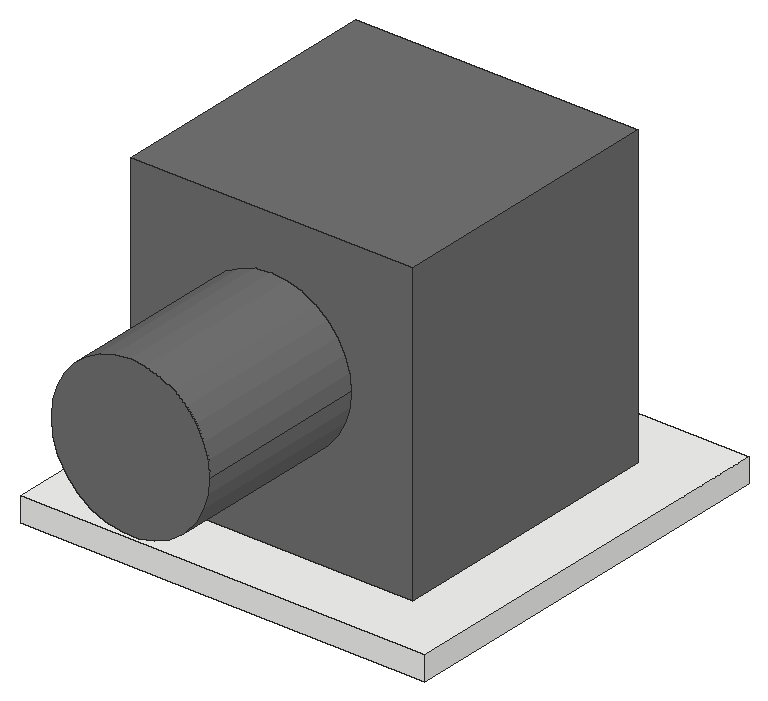
Revit family "ダクト用換気扇_50Hz", category 機械設備, Revit 2019
Family settings
  丸型コネクタ寸法 = 直径を使用
  パーツ タイプ = 標準
  OmniClass 番号 = 23.75.35.17.27
  OmniClass タイトル = Centrifugal Fans
  作業面ベース = いいえ
  常に垂直 = はい
  ロード時にボイドで切り取り = いいえ
  共有 = いいえ
  部屋計算ポイント = はい
Parameters (values of type "VD-10ZVC6")
  騒音レベル(dB(A)) [instance] = 23.5
  風量 [instance] = 100.0 m³/h
  電源種別 [instance] = ""
  電圧 = 100 V
  電動機出力 = 0 W
  電動機_種別 [instance] = ""
  運転質量 = 0.00 kg
  連動 [instance] = ""
  質量 = if(製品質量 > 運転質量, 製品質量, 運転質量) * 1.2  # 1.68 kg
  負荷分類 = 3_ファン類
  説明 = "ダクト用換気扇 低騒音形 24時間換気機能付 定風量タイプ"
  設計風量 [instance] = 0.0 m³/h
  設置方法 = "天埋"
  記号 [instance] = ""
  製造元 = "三菱電機株式会社"
  製品質量 = 1.40 kg
  製品出荷対象 = "国内"
  製品リリース年月 = "2022年6月1日"
  製品グループ = ""
  羽根径 = "∅100"
  系統 [instance] = ""
  符号 [instance] = if(☑給気／□排気, "FS", "FE")  # "FE"
  積算_科目 = "2 換気設備"
  積算_拾い区分 [instance] = ""
  相 = 1
  盤記号 [instance] = ""
  発停方法 [instance] = ""
  特殊仕様 [instance] = ""
  火災停止 [instance] = ""
  消費電力 = 2.6 W
  法定耐用年数 = "15"
  機外静圧 [instance] = 90.0 Pa
  極数 = 2
  材質 [instance] = ""
  操作・制御方式 = ""
  操作・制御スイッチ = ""
  排気量 [instance] = if(☑給気／□排気, 0.0 m³/h, 設計風量)  # 0.0 m³/h
  形式 = "天井埋込ダクト形"
  幹線記号 [instance] = ""
  対象室 [instance] = ""
  実風量 [instance] = 0.0 m³/h
  始動方式 [instance] = "直入"
  外気量 [instance] = if(☑給気／□排気, 設計風量, 0.0 m³/h)  # 0.0 m³/h
  呼称 = "天井扇"
  周波数 = 50 Hz
  参照している仕様書等のバージョン = ""
  分類コード = "50052503100030"
  分類グループ = ""
  価格 = 26000
  企業コード = "108420"
  付属品_防振装置 = ""
  付属品 [instance] = ""
  仕様書バージョン = "Version1.0"
  モデル = "VD-10ZVC6"
  マテリアル = 合成樹脂(黒)
  ファンの種類 = ""
  ダクト径 = 100 mm
  コメント [instance] = ""
  Keynote = ""
  カバーマテリアル = 合成樹脂(白)
  ☑給気／□排気 [instance] = no
  Width = 174 mm
  W1 = 250 mm
  Version = ""
  Uniclass2015Version = "Systems v1.9"
  Uniclass2015Title = "Centrifugal fans"
  Uniclass2015Code = "Pr_65_67_29_12"
  URL = "https://www.mitsubishielectric.co.jp/ldg/wink/ssl/displayProduct.do?pid=320864"
  SpecificationReference = ""
  SpecificationDescription = ""
  Revision = ""
  ProductInformation = ""
  OmniClassCode = "23-33 31 19 11 15"
  OAサイズ_D = 0 mm
  MIN風量 = 60.0 m³/h
  MIN静圧 = 50.0 Pa
  MID風量 = 0.0 m³/h
  MID静圧 = 0.0 Pa
  MAX風量 = 100.0 m³/h
  MAX静圧 = 90.0 Pa
  IfcTypeProduct = ""
  IfcProduct = ""
  IfcExportType = "PROPELLORAXIAL"
  IfcExportAs = "IfcFanType"
  Height = 184 mm
  H1 = 15 mm
  EAサイズ_D = 98 mm
  Duct_Depth = 109 mm
  Duct_Center = 0 mm
  Depth = 174 mm
  D2 = 102 mm
  D1 = 250 mm
  Author = "三菱電機株式会社"
Types (4, lengths in mm): name | 騒音レベル(dB(A)) | 風量 | 質量 | 製品質量 | 羽根径 | 消費電力 | 機外静圧 | 価格 | モデル | マテリアル | ダクト径 | Width | W1 | URL | MIN風量 | MIN静圧 | MAX風量 | MAX静圧 | Height | H1 | EAサイズ_D | Duct_Depth | Duct_Center | Depth | D2 | D1
  VD-10ZVC6 | 23.5 | 100.0 m³/h | 1.68 kg | 1.40 kg | "∅100" | 2.6 W | 90.0 Pa | 26000 | "VD-10ZVC6" | 合成樹脂(黒) | 100 | 174 | 250 | "https://www.mitsubishielectric.co.jp/ldg/wink/ssl/displayProduct.do?pid=320864" | 60.0 m³/h | 50.0 Pa | 100.0 m³/h | 90.0 Pa | 184 | 15 | 98 | 109 | 0 | 174 | 102 | 250
  VD-13ZVC6 | 27.5 | 120.0 m³/h | 1.92 kg | 1.60 kg | "∅115" | 3.3 W | 78.0 Pa | 29600 | "VD-13ZVC6" | 合成樹脂(黒) | 100 | 198 | 286 | "https://www.mitsubishielectric.co.jp/ldg/wink/ssl/displayProduct.do?pid=320708" | 75.0 m³/h | 57.0 Pa | 120.0 m³/h | 78.0 Pa | 195 | 15 | 98 | 109 | 56 | 198 | 102 | 286
  VD-15ZVC6 | 28 | 160.0 m³/h | 2.88 kg | 2.40 kg | "∅140" | 5 W | 130.0 Pa | 40300 | "VD-15ZVC6" | 合成樹脂(黒) | 100 | 254 | 330 | "https://www.mitsubishielectric.co.jp/ldg/wink/ssl/displayProduct.do?pid=320664" | 85.0 m³/h | 80.0 Pa | 160.0 m³/h | 130.0 Pa | 200 | 18 | 98 | 109 | 0 | 254 | 109 | 330
  VD-23ZVB6 | 39.5 | 480.0 m³/h | 8.40 kg | 7.00 kg | "∅230" | 22 W | 150.0 Pa | 81500 | "VD-23ZVB6" | 溶融亜鉛めっき鋼板 | 150 | 386 | 475 | "https://www.mitsubishielectric.co.jp/ldg/wink/ssl/displayProduct.do?pid=320940" | 280.0 m³/h | 150.0 Pa | 480.0 m³/h | 150.0 Pa | 221 | 18 | 144 | 142 | 111 | 386 | 135 | 475
Reference planes
  plane 1 "中心(正面/背面)": y = 0
  plane 2: z = 0
  plane 3 "中心(左/右)": x = 0
  plane 4: x = -125
  plane 5: x = 125
  plane 6: y = 125
  plane 7: y = -125
  plane 8: x = -87
  plane 9: x = 87
  plane 10: y = 87
  plane 11: y = -87
  plane 12: y = -196
  plane 13: z = 184
  plane 14: z = -15
  plane 15: z = 102
  plane 16: x = 0
Forms (mm)
  Extrusion 1, solid, material "合成樹脂(黒)" <- "マテリアル", detail levels fine
    sketch origin (0, 0, 0) x (1, 0, 0) y (0, 1, 0)
      loop
        line (-87, 87) -> (-87, -87) -> (87, -87) -> (87, 87) -> (-87, 87)
    from 0 to 184
  Extrusion 2, solid, material "合成樹脂(白)" <- "カバーマテリアル", detail levels fine
    sketch origin (0, 0, 0) x (1, 0, 0) y (0, 1, 0)
      loop
        line (-125, 125) -> (-125, -125) -> (125, -125) -> (125, 125) -> (-125, 125)
    from 0 to -15
  Extrusion 3, solid, material "合成樹脂(黒)" <- "マテリアル", detail levels fine
    sketch origin (0, 0, 0) x (1, 0, 0) y (0, 0, 1)
      loop
        circle (0, 102) r 49
    from 87 to 196
Dimensions and locks
  equal spacing: plane 4, plane 3 "中心(左/右)", plane 5
  "W1": plane 4 to plane 5
  equal spacing: plane 6, plane 1 "中心(正面/背面)", plane 7
  "D1": plane 6 to plane 7
  equal spacing: plane 8, plane 3 "中心(左/右)", plane 9
  "Width": plane 8 to plane 9
  equal spacing: plane 10, plane 1 "中心(正面/背面)", plane 11
  "Depth": plane 10 to plane 11
  "Duct_Depth": plane 11 to plane 12
  "Height": plane 13 to plane 2
  "D2": plane 15 to plane 2
  "H1": plane 2 to plane 14
  "Duct_Center": plane 3 "中心(左/右)" to plane 16
  "EAサイズ_D": diameter of Extrusion 3 sketch curve
  aligned and locked: level to plane 2
  aligned and locked: plane 5 to Extrusion 2
  aligned and locked: plane 6 to Extrusion 2
  aligned and locked: Extrusion 2 to plane 4
  aligned and locked: Extrusion 2 to plane 7
  aligned and locked: plane 9 to Extrusion 1
  aligned and locked: Extrusion 1 to plane 11
  aligned and locked: Extrusion 1 to plane 8
  aligned and locked: plane 10 to Extrusion 1
  aligned and locked: plane 13 to Extrusion 1
  aligned and locked: Extrusion 2 to plane 14
  aligned and locked: level to Extrusion 2
  aligned and locked: Extrusion 1 to level
  aligned and locked: Extrusion 3 to plane 12
  aligned and locked: plane 11 to Extrusion 3
Automatic sketch dimensions
  Extrusion 1 sketch curve to plane 3 "中心(左/右)" = 87 mm
  plane 3 "中心(左/右)" to Extrusion 1 sketch curve = 87 mm
  Extrusion 2 sketch curve to plane 3 "中心(左/右)" = 125 mm
  plane 3 "中心(左/右)" to Extrusion 2 sketch curve = 125 mm
  plane 1 "中心(正面/背面)" to Extrusion 1 sketch curve = 87 mm
  Extrusion 1 sketch curve to plane 1 "中心(正面/背面)" = 87 mm
  plane 1 "中心(正面/背面)" to Extrusion 2 sketch curve = 125 mm
  Extrusion 2 sketch curve to plane 1 "中心(正面/背面)" = 125 mm
  Extrusion 3 sketch curve to plane 15 = 0 mm
  Extrusion 3 sketch curve to plane 16 = 0 mm
Nested families
  nested 1: "記号_天井換気扇_平面" at (0, 0, 0), type "記号_天井換気扇_平面", detail levels coarse+medium
Connectors
  hvac at (0, -196, 102), driven by "ダクト径", driven by "風量", driven by "機外静圧"
    settings: on Extrusion 3, index 1, duct flow 100.0 m³/h, flow factor 0, pres drop 90.0 Pa, loss coef 0, conn angle 0.00°, conn width 304.8 mm, conn height 304.8 mm, conn diameter 100 mm, duct sys type 3, conn prof type 0, flow config 0, flow direction 2, loss method 4, conn ref index -1, conn util no, is conn primary yes, conn desc ""
  electrical at (0, 0, 0), driven by "相", driven by "負荷分類", driven by "電圧", driven by "消費電力"
    settings: on Extrusion 1, index 2, voltage 100 V, apparent load 2.6 VA, apparent load phase1 0 VA, apparent load phase2 0 VA, apparent load phase3 0 VA, power factor 1, load classification "3_ファン類", number of poles 1, system type 30, power factor state 1, is connector primary yes, connector utility no, sub classification motor no, connector description ""
Definition of nested family "記号_天井換気扇_平面"
  Reference planes
    plane 1: y = 0
    plane 2: x = 0
  Lines and regions (mm)
    detail lines
      curve 1: line (-2.5, 2.5, 0) -> (2.5, 2.5, 0)
      curve 2: line (-2.5, -2.5, 0) -> (-2.5, 2.5, 0)
      curve 3: line (2.5, -2.5, 0) -> (-2.5, -2.5, 0)
      curve 4: line (2.5, 2.5, 0) -> (2.5, -2.5, 0)
      curve 5: circle (-1.04, -1.04, 0) r 1.46 normal (0, 0, 1)
      curve 6: circle (1.04, 1.04, 0) r 1.46 normal (0, 0, 1)
      curve 7: line (-3.125, 3.125, 0) -> (3.125, 3.125, 0)
      curve 8: line (-3.125, -3.125, 0) -> (-3.125, 3.125, 0)
      curve 9: line (3.125, -3.125, 0) -> (-3.125, -3.125, 0)
      curve 10: line (3.125, 3.125, 0) -> (3.125, -3.125, 0)
      curve 11: circle (1.295, 1.295, 0) r 1.83 normal (0, 0, 1)
      curve 12: circle (-1.295, -1.295, 0) r 1.83 normal (0, 0, 1)
      curve 13: line (-2, 2, 0) -> (2, 2, 0)
      curve 14: line (-2, -2, 0) -> (-2, 2, 0)
      curve 15: line (2, -2, 0) -> (-2, -2, 0)
      curve 16: line (2, 2, 0) -> (2, -2, 0)
      curve 17: circle (0.84, 0.84, 0) r 1.16 normal (0, 0, 1)
      curve 18: circle (-0.84, -0.84, 0) r 1.2 normal (0, 0, 1)
